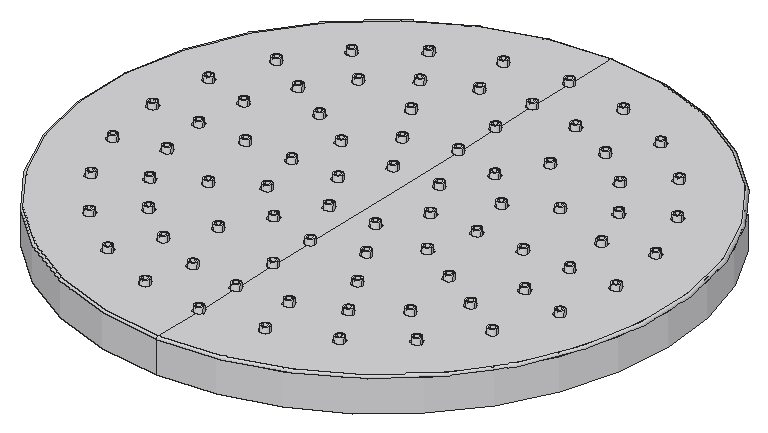
Revit family "Shower-Showerhead-KOHLER-Contemporary-K-99945T", category Plumbing Fixtures, host Face, Revit 2021 (continued)
Definition of nested family "K-99945T"
  Lines and regions (in)
    symbolic lines, detail levels medium+fine
      curve 273: arc (-0.73254, 2.51348, 0) -> (-0.67348, 2.57253, 0) -> (-0.61443, 2.51348, 0) r 0.05906
      curve 274: arc (-0.74907, 2.51348, 0) -> (-0.67348, 2.58907, 0) -> (-0.59789, 2.51348, 0) r 0.07559
      curve 275: arc (-0.61443, 2.51348, 0) -> (-0.67348, 2.45442, 0) -> (-0.73254, 2.51348, 0) r 0.05906
      curve 276: arc (-0.59789, 2.51348, 0) -> (-0.67348, 2.43789, 0) -> (-0.74907, 2.51348, 0) r 0.07559
      curve 277: arc (-0.68912, 1.12541, 0) -> (-0.64975, 1.08604, 0) -> (-0.61038, 1.12541, 0) r 0.03937
      curve 278: arc (-0.5907, 1.12541, 0) -> (-0.64975, 1.06635, 0) -> (-0.70881, 1.12541, 0) r 0.05906
      curve 279: arc (-0.61252, 1.06092, 0) -> (-0.71425, 1.08817, 0) -> (-0.68699, 1.1899, 0) r 0.07447
      curve 280: arc (-0.61038, 1.12541, 0) -> (-0.64975, 1.16478, 0) -> (-0.68912, 1.12541, 0) r 0.03937
      curve 281: arc (-0.70881, 1.12541, 0) -> (-0.64975, 1.18446, 0) -> (-0.5907, 1.12541, 0) r 0.05906
      curve 282: arc (-0.68699, 1.1899, 0) -> (-0.58526, 1.16264, 0) -> (-0.61252, 1.06092, 0) r 0.07447
      curve 283: arc (-0.93816, 1.62494, 0) -> (-1.03989, 1.6522, 0) -> (-1.01263, 1.75392, 0) r 0.07447
      curve 284: arc (-1.01263, 1.75392, 0) -> (-0.9109, 1.72667, 0) -> (-0.93816, 1.62494, 0) r 0.07447
      curve 285: arc (-1.03445, 1.68943, 0) -> (-0.97539, 1.74849, 0) -> (-0.91634, 1.68943, 0) r 0.05906
      curve 286: arc (-0.91634, 1.68943, 0) -> (-0.97539, 1.63038, 0) -> (-1.03445, 1.68943, 0) r 0.05906
      curve 287: arc (-1.01476, 1.68943, 0) -> (-0.97539, 1.65006, 0) -> (-0.93602, 1.68943, 0) r 0.03937
      curve 288: arc (-0.93602, 1.68943, 0) -> (-0.97539, 1.7288, 0) -> (-1.01476, 1.68943, 0) r 0.03937
      curve 289: arc (-1.33827, 2.31795, 0) -> (-1.23654, 2.29069, 0) -> (-1.2638, 2.18897, 0) r 0.07447
      curve 290: arc (-1.36009, 2.25346, 0) -> (-1.30103, 2.31251, 0) -> (-1.24198, 2.25346, 0) r 0.05906
      curve 291: arc (-1.26166, 2.25346, 0) -> (-1.30103, 2.29283, 0) -> (-1.3404, 2.25346, 0) r 0.03937
      curve 292: arc (-1.3404, 2.25346, 0) -> (-1.30103, 2.21409, 0) -> (-1.26166, 2.25346, 0) r 0.03937
      curve 293: arc (-1.24198, 2.25346, 0) -> (-1.30103, 2.1944, 0) -> (-1.36009, 2.25346, 0) r 0.05906
      curve 294: arc (-1.2638, 2.18897, 0) -> (-1.36553, 2.21622, 0) -> (-1.33827, 2.31795, 0) r 0.07447
      curve 295: arc (-1.68573, 2.81748, 0) -> (-1.62667, 2.87654, 0) -> (-1.56762, 2.81748, 0) r 0.05906
      curve 296: arc (-1.56762, 2.81748, 0) -> (-1.62667, 2.75843, 0) -> (-1.68573, 2.81748, 0) r 0.05906
      curve 297: arc (-1.66604, 2.81748, 0) -> (-1.62667, 2.77811, 0) -> (-1.5873, 2.81748, 0) r 0.03937
      curve 298: arc (-1.5873, 2.81748, 0) -> (-1.62667, 2.85685, 0) -> (-1.66604, 2.81748, 0) r 0.03937
      curve 299: arc (-1.58944, 2.75299, 0) -> (-1.69117, 2.78025, 0) -> (-1.66391, 2.88198, 0) r 0.07447
      curve 300: arc (-1.66391, 2.88198, 0) -> (-1.56218, 2.85472, 0) -> (-1.58944, 2.75299, 0) r 0.07447
      curve 301: arc (-2.23859, 2.30001, 0) -> (-2.29764, 2.24095, 0) -> (-2.3567, 2.30001, 0) r 0.05906
      curve 302: arc (-2.33701, 2.30001, 0) -> (-2.29764, 2.26064, 0) -> (-2.25827, 2.30001, 0) r 0.03937
      curve 303: arc (-2.25827, 2.30001, 0) -> (-2.29764, 2.33938, 0) -> (-2.33701, 2.30001, 0) r 0.03937
      curve 304: arc (-2.3567, 2.30001, 0) -> (-2.29764, 2.35906, 0) -> (-2.23859, 2.30001, 0) r 0.05906
      curve 305: arc (-2.37323, 2.30001, 0) -> (-2.29764, 2.3756, 0) -> (-2.22205, 2.30001, 0) r 0.07559
      curve 306: arc (-2.22205, 2.30001, 0) -> (-2.29764, 2.22442, 0) -> (-2.37323, 2.30001, 0) r 0.07559
      curve 307: arc (-1.87751, 1.83994, 0) -> (-1.83814, 1.80057, 0) -> (-1.79877, 1.83994, 0) r 0.03937
      curve 308: arc (-1.79877, 1.83994, 0) -> (-1.83814, 1.87931, 0) -> (-1.87751, 1.83994, 0) r 0.03937
      curve 309: arc (-1.89719, 1.83994, 0) -> (-1.83814, 1.89899, 0) -> (-1.77908, 1.83994, 0) r 0.05906
      curve 310: arc (-1.91373, 1.83994, 0) -> (-1.83814, 1.91553, 0) -> (-1.76255, 1.83994, 0) r 0.07559
      curve 311: arc (-1.76255, 1.83994, 0) -> (-1.83814, 1.76435, 0) -> (-1.91373, 1.83994, 0) r 0.07559
      curve 312: arc (-1.77908, 1.83994, 0) -> (-1.83814, 1.78088, 0) -> (-1.89719, 1.83994, 0) r 0.05906
      curve 313: arc (-2.73935, 1.62521, 0) -> (-2.81494, 1.54962, 0) -> (-2.89053, 1.62521, 0) r 0.07559
      curve 314: arc (-2.75588, 1.62521, 0) -> (-2.81494, 1.56615, 0) -> (-2.874, 1.62521, 0) r 0.05906
      curve 315: arc (-2.874, 1.62521, 0) -> (-2.81494, 1.56615, 0) -> (-2.75588, 1.62521, 0) r 0.05906
      curve 316: arc (-2.75588, 1.62521, 0) -> (-2.81494, 1.68426, 0) -> (-2.874, 1.62521, 0) r 0.05906
      curve 317: arc (-2.89053, 1.62521, 0) -> (-2.81494, 1.7008, 0) -> (-2.73935, 1.62521, 0) r 0.07559
      curve 318: arc (-2.77557, 1.62521, 0) -> (-2.81494, 1.66458, 0) -> (-2.85431, 1.62521, 0) r 0.03937
      curve 319: arc (-2.85431, 1.62521, 0) -> (-2.81494, 1.58584, 0) -> (-2.77557, 1.62521, 0) r 0.03937
      curve 320: arc (-2.29074, 1.29983, 0) -> (-2.25137, 1.26046, 0) -> (-2.212, 1.29983, 0) r 0.03937
      curve 321: arc (-2.212, 1.29983, 0) -> (-2.25137, 1.3392, 0) -> (-2.29074, 1.29983, 0) r 0.03937
      curve 322: arc (-2.31042, 1.29983, 0) -> (-2.25137, 1.35888, 0) -> (-2.19231, 1.29983, 0) r 0.05906
      curve 323: arc (-2.32698, 1.29983, 0) -> (-2.25137, 1.37544, 0) -> (-2.17575, 1.29983, 0) r 0.07561
      curve 324: arc (-2.17575, 1.29983, 0) -> (-2.25137, 1.22422, 0) -> (-2.32698, 1.29983, 0) r 0.07561
      curve 325: arc (-2.19231, 1.29983, 0) -> (-2.25137, 1.24077, 0) -> (-2.31042, 1.29983, 0) r 0.05906
      curve 326: arc (-1.65006, 0.97539, 0) -> (-1.68943, 1.01476, 0) -> (-1.7288, 0.97539, 0) r 0.03937
      curve 327: arc (-1.74849, 0.97539, 0) -> (-1.68943, 1.03445, 0) -> (-1.63038, 0.97539, 0) r 0.05906
      curve 328: arc (-1.76502, 0.97539, 0) -> (-1.68943, 1.05099, 0) -> (-1.61384, 0.97539, 0) r 0.07559
      curve 329: arc (-1.61384, 0.97539, 0) -> (-1.68943, 0.8998, 0) -> (-1.76502, 0.97539, 0) r 0.07559
      curve 330: arc (-1.63038, 0.97539, 0) -> (-1.68943, 0.91634, 0) -> (-1.74849, 0.97539, 0) r 0.05906
      curve 331: arc (-1.7288, 0.97539, 0) -> (-1.68943, 0.93602, 0) -> (-1.65006, 0.97539, 0) r 0.03937
      curve 332: arc (-1.08557, 0.64948, 0) -> (-1.12494, 0.68885, 0) -> (-1.16431, 0.64948, 0) r 0.03937
      curve 333: arc (-1.16431, 0.64948, 0) -> (-1.12494, 0.61011, 0) -> (-1.08557, 0.64948, 0) r 0.03937
      curve 334: arc (-1.06588, 0.64948, 0) -> (-1.12494, 0.59043, 0) -> (-1.18399, 0.64948, 0) r 0.05906
      curve 335: arc (-1.04935, 0.64948, 0) -> (-1.12494, 0.57389, 0) -> (-1.20053, 0.64948, 0) r 0.07559
      curve 336: arc (-1.18399, 0.64948, 0) -> (-1.12494, 0.70854, 0) -> (-1.06588, 0.64948, 0) r 0.05906
      curve 337: arc (-1.20053, 0.64948, 0) -> (-1.12494, 0.72507, 0) -> (-1.04935, 0.64948, 0) r 0.07559
      curve 338: arc (-2.55073, 0.67292, 0) -> (-2.51136, 0.63355, 0) -> (-2.47198, 0.67292, 0) r 0.03937
      curve 339: arc (-2.47198, 0.67292, 0) -> (-2.51136, 0.71229, 0) -> (-2.55073, 0.67292, 0) r 0.03937
      curve 340: arc (-2.57041, 0.67292, 0) -> (-2.51136, 0.73197, 0) -> (-2.4523, 0.67292, 0) r 0.05906
      curve 341: arc (-2.58659, 0.67292, 0) -> (-2.51136, 0.74815, 0) -> (-2.43612, 0.67292, 0) r 0.07524
      curve 342: arc (-2.4523, 0.67292, 0) -> (-2.51136, 0.61386, 0) -> (-2.57041, 0.67292, 0) r 0.05906
      curve 343: arc (-2.43612, 0.67292, 0) -> (-2.51136, 0.59768, 0) -> (-2.58659, 0.67292, 0) r 0.07524
      curve 344: arc (-3.19791, 0.84105, 0) -> (-3.13885, 0.782, 0) -> (-3.0798, 0.84105, 0) r 0.05906
      curve 345: arc (-3.0798, 0.84105, 0) -> (-3.13885, 0.90011, 0) -> (-3.19791, 0.84105, 0) r 0.05906
      curve 346: arc (-3.21444, 0.84105, 0) -> (-3.13885, 0.91664, 0) -> (-3.06326, 0.84105, 0) r 0.07559
      curve 347: arc (-3.17822, 0.84105, 0) -> (-3.13885, 0.80168, 0) -> (-3.09948, 0.84105, 0) r 0.03937
      curve 348: arc (-3.09948, 0.84105, 0) -> (-3.13885, 0.88042, 0) -> (-3.17822, 0.84105, 0) r 0.03937
      curve 349: arc (-3.06326, 0.84105, 0) -> (-3.13885, 0.76546, 0) -> (-3.21444, 0.84105, 0) r 0.07559
      curve 350: arc (-0.88083, -3.14036, 0) -> (-0.84146, -3.10099, 0) -> (-0.80209, -3.14036, 0) r 0.03937
      curve 351: arc (-0.80209, -3.14036, 0) -> (-0.84146, -3.17973, 0) -> (-0.88083, -3.14036, 0) r 0.03937
      curve 352: arc (-0.90051, -3.14036, 0) -> (-0.84146, -3.19941, 0) -> (-0.7824, -3.14036, 0) r 0.05906
      curve 353: arc (-0.91705, -3.14036, 0) -> (-0.84146, -3.21595, 0) -> (-0.76587, -3.14036, 0) r 0.07559
      curve 354: arc (-0.76587, -3.14036, 0) -> (-0.84146, -3.06477, 0) -> (-0.91705, -3.14036, 0) r 0.07559
      curve 355: arc (-0.7824, -3.14036, 0) -> (-0.84146, -3.0813, 0) -> (-0.90051, -3.14036, 0) r 0.05906
      curve 356: arc (-0.71285, -2.51348, 0) -> (-0.67348, -2.47411, 0) -> (-0.63411, -2.51348, 0) r 0.03937
      curve 357: arc (-0.63411, -2.51348, 0) -> (-0.67348, -2.55285, 0) -> (-0.71285, -2.51348, 0) r 0.03937
      curve 358: arc (-0.73254, -2.51348, 0) -> (-0.67348, -2.57253, 0) -> (-0.61443, -2.51348, 0) r 0.05906
      curve 359: arc (-0.74907, -2.51348, 0) -> (-0.67348, -2.58907, 0) -> (-0.59789, -2.51348, 0) r 0.07559
      curve 360: arc (-0.61443, -2.51348, 0) -> (-0.67348, -2.45442, 0) -> (-0.73254, -2.51348, 0) r 0.05906
      curve 361: arc (-0.59789, -2.51348, 0) -> (-0.67348, -2.43789, 0) -> (-0.74907, -2.51348, 0) r 0.07559
      curve 362: arc (-0.68912, -1.12541, 0) -> (-0.64975, -1.08604, 0) -> (-0.61038, -1.12541, 0) r 0.03937
      curve 363: arc (-0.5907, -1.12541, 0) -> (-0.64975, -1.06635, 0) -> (-0.70881, -1.12541, 0) r 0.05906
      curve 364: arc (-0.61252, -1.06092, 0) -> (-0.71425, -1.08817, 0) -> (-0.68699, -1.1899, 0) r 0.07447
      curve 365: arc (-0.61038, -1.12541, 0) -> (-0.64975, -1.16478, 0) -> (-0.68912, -1.12541, 0) r 0.03937
      curve 366: arc (-0.70881, -1.12541, 0) -> (-0.64975, -1.18446, 0) -> (-0.5907, -1.12541, 0) r 0.05906
      curve 367: arc (-0.68699, -1.1899, 0) -> (-0.58526, -1.16264, 0) -> (-0.61252, -1.06092, 0) r 0.07447
      curve 368: arc (-0.93816, -1.62494, 0) -> (-1.03989, -1.6522, 0) -> (-1.01263, -1.75392, 0) r 0.07447
      curve 369: arc (-1.01263, -1.75392, 0) -> (-0.9109, -1.72667, 0) -> (-0.93816, -1.62494, 0) r 0.07447
      curve 370: arc (-1.03445, -1.68943, 0) -> (-0.97539, -1.74849, 0) -> (-0.91634, -1.68943, 0) r 0.05906
      curve 371: arc (-0.91634, -1.68943, 0) -> (-0.97539, -1.63038, 0) -> (-1.03445, -1.68943, 0) r 0.05906
      curve 372: arc (-1.01476, -1.68943, 0) -> (-0.97539, -1.65006, 0) -> (-0.93602, -1.68943, 0) r 0.03937
      curve 373: arc (-0.93602, -1.68943, 0) -> (-0.97539, -1.7288, 0) -> (-1.01476, -1.68943, 0) r 0.03937
      curve 374: arc (-1.33827, -2.31795, 0) -> (-1.23654, -2.29069, 0) -> (-1.2638, -2.18897, 0) r 0.07447
      curve 375: arc (-1.36009, -2.25346, 0) -> (-1.30103, -2.31251, 0) -> (-1.24198, -2.25346, 0) r 0.05906
      curve 376: arc (-1.26166, -2.25346, 0) -> (-1.30103, -2.29283, 0) -> (-1.3404, -2.25346, 0) r 0.03937
      curve 377: arc (-1.3404, -2.25346, 0) -> (-1.30103, -2.21409, 0) -> (-1.26166, -2.25346, 0) r 0.03937
      curve 378: arc (-1.24198, -2.25346, 0) -> (-1.30103, -2.1944, 0) -> (-1.36009, -2.25346, 0) r 0.05906
      curve 379: arc (-1.2638, -2.18897, 0) -> (-1.36553, -2.21622, 0) -> (-1.33827, -2.31795, 0) r 0.07447
      curve 380: arc (-1.68573, -2.81748, 0) -> (-1.62667, -2.87654, 0) -> (-1.56762, -2.81748, 0) r 0.05906
      curve 381: arc (-1.56762, -2.81748, 0) -> (-1.62667, -2.75843, 0) -> (-1.68573, -2.81748, 0) r 0.05906
      curve 382: arc (-1.66604, -2.81748, 0) -> (-1.62667, -2.77811, 0) -> (-1.5873, -2.81748, 0) r 0.03937
      curve 383: arc (-1.5873, -2.81748, 0) -> (-1.62667, -2.85685, 0) -> (-1.66604, -2.81748, 0) r 0.03937
      curve 384: arc (-1.58944, -2.75299, 0) -> (-1.69117, -2.78025, 0) -> (-1.66391, -2.88198, 0) r 0.07447
      curve 385: arc (-1.66391, -2.88198, 0) -> (-1.56218, -2.85472, 0) -> (-1.58944, -2.75299, 0) r 0.07447
      curve 386: arc (-2.23859, -2.30001, 0) -> (-2.29764, -2.24095, 0) -> (-2.3567, -2.30001, 0) r 0.05906
      curve 387: arc (-2.33701, -2.30001, 0) -> (-2.29764, -2.26064, 0) -> (-2.25827, -2.30001, 0) r 0.03937
      curve 388: arc (-2.25827, -2.30001, 0) -> (-2.29764, -2.33938, 0) -> (-2.33701, -2.30001, 0) r 0.03937
      curve 389: arc (-2.3567, -2.30001, 0) -> (-2.29764, -2.35906, 0) -> (-2.23859, -2.30001, 0) r 0.05906
      curve 390: arc (-2.37323, -2.30001, 0) -> (-2.29764, -2.3756, 0) -> (-2.22205, -2.30001, 0) r 0.07559
      curve 391: arc (-2.22205, -2.30001, 0) -> (-2.29764, -2.22442, 0) -> (-2.37323, -2.30001, 0) r 0.07559
      curve 392: arc (-1.87751, -1.83994, 0) -> (-1.83814, -1.80057, 0) -> (-1.79877, -1.83994, 0) r 0.03937
      curve 393: arc (-1.79877, -1.83994, 0) -> (-1.83814, -1.87931, 0) -> (-1.87751, -1.83994, 0) r 0.03937
      curve 394: arc (-1.89719, -1.83994, 0) -> (-1.83814, -1.89899, 0) -> (-1.77908, -1.83994, 0) r 0.05906
      curve 395: arc (-1.91373, -1.83994, 0) -> (-1.83814, -1.91553, 0) -> (-1.76255, -1.83994, 0) r 0.07559
      curve 396: arc (-1.76255, -1.83994, 0) -> (-1.83814, -1.76435, 0) -> (-1.91373, -1.83994, 0) r 0.07559
      curve 397: arc (-1.77908, -1.83994, 0) -> (-1.83814, -1.78088, 0) -> (-1.89719, -1.83994, 0) r 0.05906
      curve 398: arc (-2.73935, -1.62521, 0) -> (-2.81494, -1.54962, 0) -> (-2.89053, -1.62521, 0) r 0.07559
      curve 399: arc (-2.75588, -1.62521, 0) -> (-2.81494, -1.56615, 0) -> (-2.874, -1.62521, 0) r 0.05906
      curve 400: arc (-2.874, -1.62521, 0) -> (-2.81494, -1.56615, 0) -> (-2.75588, -1.62521, 0) r 0.05906
      curve 401: arc (-2.75588, -1.62521, 0) -> (-2.81494, -1.68426, 0) -> (-2.874, -1.62521, 0) r 0.05906
      curve 402: arc (-2.89053, -1.62521, 0) -> (-2.81494, -1.7008, 0) -> (-2.73935, -1.62521, 0) r 0.07559
      curve 403: arc (-2.77557, -1.62521, 0) -> (-2.81494, -1.66458, 0) -> (-2.85431, -1.62521, 0) r 0.03937
      curve 404: arc (-2.85431, -1.62521, 0) -> (-2.81494, -1.58584, 0) -> (-2.77557, -1.62521, 0) r 0.03937
      curve 405: arc (-2.29074, -1.29983, 0) -> (-2.25137, -1.26046, 0) -> (-2.212, -1.29983, 0) r 0.03937
      curve 406: arc (-2.212, -1.29983, 0) -> (-2.25137, -1.3392, 0) -> (-2.29074, -1.29983, 0) r 0.03937
      curve 407: arc (-2.31042, -1.29983, 0) -> (-2.25137, -1.35888, 0) -> (-2.19231, -1.29983, 0) r 0.05906
      curve 408: arc (-2.32698, -1.29983, 0) -> (-2.25137, -1.37544, 0) -> (-2.17575, -1.29983, 0) r 0.07561
      curve 409: arc (-2.17575, -1.29983, 0) -> (-2.25137, -1.22422, 0) -> (-2.32698, -1.29983, 0) r 0.07561
      curve 410: arc (-2.19231, -1.29983, 0) -> (-2.25137, -1.24077, 0) -> (-2.31042, -1.29983, 0) r 0.05906
      curve 411: arc (-1.65006, -0.97539, 0) -> (-1.68943, -1.01476, 0) -> (-1.7288, -0.97539, 0) r 0.03937
      curve 412: arc (-1.74849, -0.97539, 0) -> (-1.68943, -1.03445, 0) -> (-1.63038, -0.97539, 0) r 0.05906
      curve 413: arc (-1.76502, -0.97539, 0) -> (-1.68943, -1.05099, 0) -> (-1.61384, -0.97539, 0) r 0.07559
      curve 414: arc (-1.61384, -0.97539, 0) -> (-1.68943, -0.8998, 0) -> (-1.76502, -0.97539, 0) r 0.07559
      curve 415: arc (-1.63038, -0.97539, 0) -> (-1.68943, -0.91634, 0) -> (-1.74849, -0.97539, 0) r 0.05906
      curve 416: arc (-1.7288, -0.97539, 0) -> (-1.68943, -0.93602, 0) -> (-1.65006, -0.97539, 0) r 0.03937
      curve 417: arc (-1.08557, -0.64948, 0) -> (-1.12494, -0.68885, 0) -> (-1.16431, -0.64948, 0) r 0.03937
      curve 418: arc (-1.16431, -0.64948, 0) -> (-1.12494, -0.61011, 0) -> (-1.08557, -0.64948, 0) r 0.03937
      curve 419: arc (-1.06588, -0.64948, 0) -> (-1.12494, -0.59043, 0) -> (-1.18399, -0.64948, 0) r 0.05906
      curve 420: arc (-1.04935, -0.64948, 0) -> (-1.12494, -0.57389, 0) -> (-1.20053, -0.64948, 0) r 0.07559
      curve 421: arc (-1.18399, -0.64948, 0) -> (-1.12494, -0.70854, 0) -> (-1.06588, -0.64948, 0) r 0.05906
      curve 422: arc (-1.20053, -0.64948, 0) -> (-1.12494, -0.72507, 0) -> (-1.04935, -0.64948, 0) r 0.07559
      curve 423: arc (-2.55073, -0.67292, 0) -> (-2.51136, -0.63355, 0) -> (-2.47198, -0.67292, 0) r 0.03937
      curve 424: arc (-2.47198, -0.67292, 0) -> (-2.51136, -0.71229, 0) -> (-2.55073, -0.67292, 0) r 0.03937
      curve 425: arc (-2.57041, -0.67292, 0) -> (-2.51136, -0.73197, 0) -> (-2.4523, -0.67292, 0) r 0.05906
      curve 426: arc (-2.58659, -0.67292, 0) -> (-2.51136, -0.74815, 0) -> (-2.43612, -0.67292, 0) r 0.07524
      curve 427: arc (-2.4523, -0.67292, 0) -> (-2.51136, -0.61386, 0) -> (-2.57041, -0.67292, 0) r 0.05906
      curve 428: arc (-2.43612, -0.67292, 0) -> (-2.51136, -0.59768, 0) -> (-2.58659, -0.67292, 0) r 0.07524
      curve 429: arc (-3.19791, -0.84105, 0) -> (-3.13885, -0.782, 0) -> (-3.0798, -0.84105, 0) r 0.05906
      curve 430: arc (-3.0798, -0.84105, 0) -> (-3.13885, -0.90011, 0) -> (-3.19791, -0.84105, 0) r 0.05906
      curve 431: arc (-3.21444, -0.84105, 0) -> (-3.13885, -0.91664, 0) -> (-3.06326, -0.84105, 0) r 0.07559
      curve 432: arc (-3.17822, -0.84105, 0) -> (-3.13885, -0.80168, 0) -> (-3.09948, -0.84105, 0) r 0.03937
      curve 433: arc (-3.09948, -0.84105, 0) -> (-3.13885, -0.88042, 0) -> (-3.17822, -0.84105, 0) r 0.03937
      curve 434: arc (-3.06326, -0.84105, 0) -> (-3.13885, -0.76546, 0) -> (-3.21444, -0.84105, 0) r 0.07559
      curve 435: arc (0.88083, -3.14036, 0) -> (0.84146, -3.10099, 0) -> (0.80209, -3.14036, 0) r 0.03937
      curve 436: arc (0.80209, -3.14036, 0) -> (0.84146, -3.17973, 0) -> (0.88083, -3.14036, 0) r 0.03937
      curve 437: arc (0.90051, -3.14036, 0) -> (0.84146, -3.19941, 0) -> (0.7824, -3.14036, 0) r 0.05906
      curve 438: arc (0.91705, -3.14036, 0) -> (0.84146, -3.21595, 0) -> (0.76587, -3.14036, 0) r 0.07559
      curve 439: arc (0.76587, -3.14036, 0) -> (0.84146, -3.06477, 0) -> (0.91705, -3.14036, 0) r 0.07559
      curve 440: arc (0.7824, -3.14036, 0) -> (0.84146, -3.0813, 0) -> (0.90051, -3.14036, 0) r 0.05906
      curve 441: arc (0.71285, -2.51348, 0) -> (0.67348, -2.47411, 0) -> (0.63411, -2.51348, 0) r 0.03937
      curve 442: arc (0.63411, -2.51348, 0) -> (0.67348, -2.55285, 0) -> (0.71285, -2.51348, 0) r 0.03937
      curve 443: arc (0.73254, -2.51348, 0) -> (0.67348, -2.57253, 0) -> (0.61443, -2.51348, 0) r 0.05906
      curve 444: arc (0.74907, -2.51348, 0) -> (0.67348, -2.58907, 0) -> (0.59789, -2.51348, 0) r 0.07559
      curve 445: arc (0.61443, -2.51348, 0) -> (0.67348, -2.45442, 0) -> (0.73254, -2.51348, 0) r 0.05906
      curve 446: arc (0.59789, -2.51348, 0) -> (0.67348, -2.43789, 0) -> (0.74907, -2.51348, 0) r 0.07559
      curve 447: arc (0.68912, -1.12541, 0) -> (0.64975, -1.08604, 0) -> (0.61038, -1.12541, 0) r 0.03937
      curve 448: arc (0.5907, -1.12541, 0) -> (0.64975, -1.06635, 0) -> (0.70881, -1.12541, 0) r 0.05906
      curve 449: arc (0.61252, -1.06092, 0) -> (0.71425, -1.08817, 0) -> (0.68699, -1.1899, 0) r 0.07447
      curve 450: arc (0.61038, -1.12541, 0) -> (0.64975, -1.16478, 0) -> (0.68912, -1.12541, 0) r 0.03937
      curve 451: arc (0.70881, -1.12541, 0) -> (0.64975, -1.18446, 0) -> (0.5907, -1.12541, 0) r 0.05906
      curve 452: arc (0.68699, -1.1899, 0) -> (0.58526, -1.16264, 0) -> (0.61252, -1.06092, 0) r 0.07447
      curve 453: arc (0.93816, -1.62494, 0) -> (1.03989, -1.6522, 0) -> (1.01263, -1.75392, 0) r 0.07447
      curve 454: arc (1.01263, -1.75392, 0) -> (0.9109, -1.72667, 0) -> (0.93816, -1.62494, 0) r 0.07447
      curve 455: arc (1.03445, -1.68943, 0) -> (0.97539, -1.74849, 0) -> (0.91634, -1.68943, 0) r 0.05906
      curve 456: arc (0.91634, -1.68943, 0) -> (0.97539, -1.63038, 0) -> (1.03445, -1.68943, 0) r 0.05906
      curve 457: arc (1.01476, -1.68943, 0) -> (0.97539, -1.65006, 0) -> (0.93602, -1.68943, 0) r 0.03937
      curve 458: arc (0.93602, -1.68943, 0) -> (0.97539, -1.7288, 0) -> (1.01476, -1.68943, 0) r 0.03937
      curve 459: arc (1.33827, -2.31795, 0) -> (1.23654, -2.29069, 0) -> (1.2638, -2.18897, 0) r 0.07447
      curve 460: arc (1.36009, -2.25346, 0) -> (1.30103, -2.31251, 0) -> (1.24198, -2.25346, 0) r 0.05906
      curve 461: arc (1.26166, -2.25346, 0) -> (1.30103, -2.29283, 0) -> (1.3404, -2.25346, 0) r 0.03937
      curve 462: arc (1.3404, -2.25346, 0) -> (1.30103, -2.21409, 0) -> (1.26166, -2.25346, 0) r 0.03937
      curve 463: arc (1.24198, -2.25346, 0) -> (1.30103, -2.1944, 0) -> (1.36009, -2.25346, 0) r 0.05906
      curve 464: arc (1.2638, -2.18897, 0) -> (1.36553, -2.21622, 0) -> (1.33827, -2.31795, 0) r 0.07447
      curve 465: arc (1.68573, -2.81748, 0) -> (1.62667, -2.87654, 0) -> (1.56762, -2.81748, 0) r 0.05906
      curve 466: arc (1.56762, -2.81748, 0) -> (1.62667, -2.75843, 0) -> (1.68573, -2.81748, 0) r 0.05906
      curve 467: arc (1.66604, -2.81748, 0) -> (1.62667, -2.77811, 0) -> (1.5873, -2.81748, 0) r 0.03937
      curve 468: arc (1.5873, -2.81748, 0) -> (1.62667, -2.85685, 0) -> (1.66604, -2.81748, 0) r 0.03937
      curve 469: arc (1.58944, -2.75299, 0) -> (1.69117, -2.78025, 0) -> (1.66391, -2.88198, 0) r 0.07447
      curve 470: arc (1.66391, -2.88198, 0) -> (1.56218, -2.85472, 0) -> (1.58944, -2.75299, 0) r 0.07447
      curve 471: arc (2.23859, -2.30001, 0) -> (2.29764, -2.24095, 0) -> (2.3567, -2.30001, 0) r 0.05906
      curve 472: arc (2.33701, -2.30001, 0) -> (2.29764, -2.26064, 0) -> (2.25827, -2.30001, 0) r 0.03937
      curve 473: arc (2.25827, -2.30001, 0) -> (2.29764, -2.33938, 0) -> (2.33701, -2.30001, 0) r 0.03937
      curve 474: arc (2.3567, -2.30001, 0) -> (2.29764, -2.35906, 0) -> (2.23859, -2.30001, 0) r 0.05906
      curve 475: arc (2.37323, -2.30001, 0) -> (2.29764, -2.3756, 0) -> (2.22205, -2.30001, 0) r 0.07559
      curve 476: arc (2.22205, -2.30001, 0) -> (2.29764, -2.22442, 0) -> (2.37323, -2.30001, 0) r 0.07559
      curve 477: arc (1.87751, -1.83994, 0) -> (1.83814, -1.80057, 0) -> (1.79877, -1.83994, 0) r 0.03937
      curve 478: arc (1.79877, -1.83994, 0) -> (1.83814, -1.87931, 0) -> (1.87751, -1.83994, 0) r 0.03937
      curve 479: arc (1.89719, -1.83994, 0) -> (1.83814, -1.89899, 0) -> (1.77908, -1.83994, 0) r 0.05906
      curve 480: arc (1.91373, -1.83994, 0) -> (1.83814, -1.91553, 0) -> (1.76255, -1.83994, 0) r 0.07559
      curve 481: arc (1.76255, -1.83994, 0) -> (1.83814, -1.76435, 0) -> (1.91373, -1.83994, 0) r 0.07559
      curve 482: arc (1.77908, -1.83994, 0) -> (1.83814, -1.78088, 0) -> (1.89719, -1.83994, 0) r 0.05906
      curve 483: arc (2.73935, -1.62521, 0) -> (2.81494, -1.54962, 0) -> (2.89053, -1.62521, 0) r 0.07559
      curve 484: arc (2.75588, -1.62521, 0) -> (2.81494, -1.56615, 0) -> (2.874, -1.62521, 0) r 0.05906
      curve 485: arc (2.874, -1.62521, 0) -> (2.81494, -1.56615, 0) -> (2.75588, -1.62521, 0) r 0.05906
      curve 486: arc (2.75588, -1.62521, 0) -> (2.81494, -1.68426, 0) -> (2.874, -1.62521, 0) r 0.05906
      curve 487: arc (2.89053, -1.62521, 0) -> (2.81494, -1.7008, 0) -> (2.73935, -1.62521, 0) r 0.07559
      curve 488: arc (2.77557, -1.62521, 0) -> (2.81494, -1.66458, 0) -> (2.85431, -1.62521, 0) r 0.03937
      curve 489: arc (2.85431, -1.62521, 0) -> (2.81494, -1.58584, 0) -> (2.77557, -1.62521, 0) r 0.03937
      curve 490: arc (2.29074, -1.29983, 0) -> (2.25137, -1.26046, 0) -> (2.212, -1.29983, 0) r 0.03937
      curve 491: arc (2.212, -1.29983, 0) -> (2.25137, -1.3392, 0) -> (2.29074, -1.29983, 0) r 0.03937
      curve 492: arc (2.31042, -1.29983, 0) -> (2.25137, -1.35888, 0) -> (2.19231, -1.29983, 0) r 0.05906
      curve 493: arc (2.32698, -1.29983, 0) -> (2.25137, -1.37544, 0) -> (2.17575, -1.29983, 0) r 0.07561
      curve 494: arc (2.17575, -1.29983, 0) -> (2.25137, -1.22422, 0) -> (2.32698, -1.29983, 0) r 0.07561
      curve 495: arc (2.19231, -1.29983, 0) -> (2.25137, -1.24077, 0) -> (2.31042, -1.29983, 0) r 0.05906
      curve 496: arc (1.65006, -0.97539, 0) -> (1.68943, -1.01476, 0) -> (1.7288, -0.97539, 0) r 0.03937
      curve 497: arc (1.74849, -0.97539, 0) -> (1.68943, -1.03445, 0) -> (1.63038, -0.97539, 0) r 0.05906
      curve 498: arc (1.76502, -0.97539, 0) -> (1.68943, -1.05099, 0) -> (1.61384, -0.97539, 0) r 0.07559
      curve 499: arc (1.61384, -0.97539, 0) -> (1.68943, -0.8998, 0) -> (1.76502, -0.97539, 0) r 0.07559
      curve 500: arc (1.63038, -0.97539, 0) -> (1.68943, -0.91634, 0) -> (1.74849, -0.97539, 0) r 0.05906
      curve 501: arc (1.7288, -0.97539, 0) -> (1.68943, -0.93602, 0) -> (1.65006, -0.97539, 0) r 0.03937
      curve 502: arc (1.08557, -0.64948, 0) -> (1.12494, -0.68885, 0) -> (1.16431, -0.64948, 0) r 0.03937
      curve 503: arc (1.16431, -0.64948, 0) -> (1.12494, -0.61011, 0) -> (1.08557, -0.64948, 0) r 0.03937
      curve 504: arc (1.06588, -0.64948, 0) -> (1.12494, -0.59043, 0) -> (1.18399, -0.64948, 0) r 0.05906
      curve 505: arc (1.04935, -0.64948, 0) -> (1.12494, -0.57389, 0) -> (1.20053, -0.64948, 0) r 0.07559
      curve 506: arc (1.18399, -0.64948, 0) -> (1.12494, -0.70854, 0) -> (1.06588, -0.64948, 0) r 0.05906
      curve 507: arc (1.20053, -0.64948, 0) -> (1.12494, -0.72507, 0) -> (1.04935, -0.64948, 0) r 0.07559
      curve 508: arc (2.55073, -0.67292, 0) -> (2.51136, -0.63355, 0) -> (2.47198, -0.67292, 0) r 0.03937
      curve 509: arc (2.47198, -0.67292, 0) -> (2.51136, -0.71229, 0) -> (2.55073, -0.67292, 0) r 0.03937
      curve 510: arc (2.57041, -0.67292, 0) -> (2.51136, -0.73197, 0) -> (2.4523, -0.67292, 0) r 0.05906
      curve 511: arc (2.58659, -0.67292, 0) -> (2.51136, -0.74815, 0) -> (2.43612, -0.67292, 0) r 0.07524
      curve 512: arc (2.4523, -0.67292, 0) -> (2.51136, -0.61386, 0) -> (2.57041, -0.67292, 0) r 0.05906
      curve 513: arc (2.43612, -0.67292, 0) -> (2.51136, -0.59768, 0) -> (2.58659, -0.67292, 0) r 0.07524
      curve 514: arc (3.19791, -0.84105, 0) -> (3.13885, -0.782, 0) -> (3.0798, -0.84105, 0) r 0.05906
      curve 515: arc (3.0798, -0.84105, 0) -> (3.13885, -0.90011, 0) -> (3.19791, -0.84105, 0) r 0.05906
      curve 516: arc (3.21444, -0.84105, 0) -> (3.13885, -0.91664, 0) -> (3.06326, -0.84105, 0) r 0.07559
      curve 517: arc (3.17822, -0.84105, 0) -> (3.13885, -0.80168, 0) -> (3.09948, -0.84105, 0) r 0.03937
      curve 518: arc (3.09948, -0.84105, 0) -> (3.13885, -0.88042, 0) -> (3.17822, -0.84105, 0) r 0.03937
      curve 519: arc (3.06326, -0.84105, 0) -> (3.13885, -0.76546, 0) -> (3.21444, -0.84105, 0) r 0.07559
      curve 520: arc (-3.17634, 0, 0) -> (-3.25193, 0.07559, 0) -> (-3.32752, 0, 0) r 0.07559
      curve 521: arc (-3.19288, 0, 0) -> (-3.25193, 0.05906, 0) -> (-3.31099, 0, 0) r 0.05906
      curve 522: arc (-3.31099, 0, 0) -> (-3.25193, 0.05906, 0) -> (-3.19288, 0, 0) r 0.05906
      curve 523: arc (-3.19288, 0, 0) -> (-3.25193, -0.05906, 0) -> (-3.31099, 0, 0) r 0.05906
      curve 524: arc (-3.31099, 0, 0) -> (-3.25193, -0.05906, 0) -> (-3.19288, 0, 0) r 0.05906
      curve 525: arc (-3.32752, 0, 0) -> (-3.25193, -0.07559, 0) -> (-3.17634, 0, 0) r 0.07559
      curve 526: arc (-3.21256, 0, 0) -> (-3.25193, -0.03937, 0) -> (-3.2913, 0, 0) r 0.03937
      curve 527: arc (-3.2913, 0, 0) -> (-3.25193, 0.03937, 0) -> (-3.21256, 0, 0) r 0.03937
      curve 528: arc (-2.6413, 0, 0) -> (-2.60193, 0.03937, 0) -> (-2.56256, 0, 0) r 0.03937
      curve 529: arc (-2.54288, 0, 0) -> (-2.60193, 0.05906, 0) -> (-2.66099, 0, 0) r 0.05906
      curve 530: arc (-2.52634, 0, 0) -> (-2.60193, 0.07559, 0) -> (-2.67752, 0, 0) r 0.07559
      curve 531: arc (-2.56256, 0, 0) -> (-2.60193, -0.03937, 0) -> (-2.6413, 0, 0) r 0.03937
      curve 532: arc (-2.66099, 0, 0) -> (-2.60193, -0.05906, 0) -> (-2.54288, 0, 0) r 0.05906
      curve 533: arc (-2.67752, 0, 0) -> (-2.60193, -0.07559, 0) -> (-2.52634, 0, 0) r 0.07559
      curve 534: arc (-1.98847, 0, 0) -> (-1.9491, 0.03937, 0) -> (-1.90973, 0, 0) r 0.03937
      curve 535: arc (-1.89004, 0, 0) -> (-1.9491, 0.05906, 0) -> (-2.00815, 0, 0) r 0.05906
      curve 536: arc (-1.87351, 0, 0) -> (-1.9491, 0.07559, 0) -> (-2.02469, 0, 0) r 0.07559
      curve 537: arc (-1.90973, 0, 0) -> (-1.9491, -0.03937, 0) -> (-1.98847, 0, 0) r 0.03937
      curve 538: arc (-2.00815, 0, 0) -> (-1.9491, -0.05906, 0) -> (-1.89004, 0, 0) r 0.05906
      curve 539: arc (-2.02469, 0, 0) -> (-1.9491, -0.07559, 0) -> (-1.87351, 0, 0) r 0.07559
      curve 540: arc (-1.33888, 0, 0) -> (-1.29951, 0.03937, 0) -> (-1.26014, 0, 0) r 0.03937
      curve 541: arc (-1.26014, 0, 0) -> (-1.29951, -0.03937, 0) -> (-1.33888, 0, 0) r 0.03937
      curve 542: arc (-1.35856, 0, 0) -> (-1.29951, -0.05906, 0) -> (-1.24045, 0, 0) r 0.05906
      curve 543: arc (-1.3751, 0, 0) -> (-1.29951, -0.07559, 0) -> (-1.22392, 0, 0) r 0.07559
      curve 544: arc (-1.24045, 0, 0) -> (-1.29951, 0.05906, 0) -> (-1.35856, 0, 0) r 0.05906
      curve 545: arc (-1.22392, 0, 0) -> (-1.29951, 0.07559, 0) -> (-1.3751, 0, 0) r 0.07559
      curve 546: arc (-0.57264, 0, 0) -> (-0.64823, 0.07559, 0) -> (-0.72382, 0, 0) r 0.07559
      curve 547: arc (-0.58917, 0, 0) -> (-0.64823, 0.05906, 0) -> (-0.70728, 0, 0) r 0.05906
      curve 548: arc (-0.6876, 0, 0) -> (-0.64823, 0.03937, 0) -> (-0.60886, 0, 0) r 0.03937
      curve 549: arc (-0.60886, 0, 0) -> (-0.64823, -0.03937, 0) -> (-0.6876, 0, 0) r 0.03937
      curve 550: arc (-0.70728, 0, 0) -> (-0.64823, -0.05906, 0) -> (-0.58917, 0, 0) r 0.05906
      curve 551: arc (-0.72382, 0, 0) -> (-0.64823, -0.07559, 0) -> (-0.57264, 0, 0) r 0.07559
      curve 552: arc (-0.25047, 0.56213, 0) -> (-0.32606, 0.63772, 0) -> (-0.40165, 0.56213, 0) r 0.07559
      curve 553: arc (-0.26701, 0.56213, 0) -> (-0.32606, 0.62119, 0) -> (-0.38512, 0.56213, 0) r 0.05906
      curve 554: arc (-0.36543, 0.56213, 0) -> (-0.32606, 0.6015, 0) -> (-0.28669, 0.56213, 0) r 0.03937
      curve 555: arc (-0.28669, 0.56213, 0) -> (-0.32606, 0.52276, 0) -> (-0.36543, 0.56213, 0) r 0.03937
      curve 556: arc (-0.38512, 0.56213, 0) -> (-0.32606, 0.50308, 0) -> (-0.26701, 0.56213, 0) r 0.05906
      curve 557: arc (-0.40165, 0.56213, 0) -> (-0.32606, 0.48654, 0) -> (-0.25047, 0.56213, 0) r 0.07559
      curve 558: arc (-0.36543, -0.56213, 0) -> (-0.32606, -0.52276, 0) -> (-0.28669, -0.56213, 0) r 0.03937
      curve 559: arc (-0.26701, -0.56213, 0) -> (-0.32606, -0.50308, 0) -> (-0.38512, -0.56213, 0) r 0.05906
      curve 560: arc (-0.25047, -0.56213, 0) -> (-0.32606, -0.48654, 0) -> (-0.40165, -0.56213, 0) r 0.07559
      curve 561: arc (-0.40165, -0.56213, 0) -> (-0.32606, -0.63772, 0) -> (-0.25047, -0.56213, 0) r 0.07559
      curve 562: arc (-0.28669, -0.56213, 0) -> (-0.32606, -0.6015, 0) -> (-0.36543, -0.56213, 0) r 0.03937
      curve 563: arc (-0.38512, -0.56213, 0) -> (-0.32606, -0.62119, 0) -> (-0.26701, -0.56213, 0) r 0.05906
      curve 564: arc (0, 3.93783, 0) -> (3.93783, 0, 0) -> (0, -3.93783, 0) r 3.93783
      curve 565: arc (0, -3.93783, 0) -> (-3.93783, 0, 0) -> (0, 3.93783, 0) r 3.93783
      curve 566: line (0, 0.74895, 2.04724) -> (0, -0.74895, 2.04724)
      curve 567: line (0, 0.43472, 1.26188) -> (0, -0.43472, 1.26188)
      curve 568: line (0, 0.5184, 1.26976) -> (0, -0.5184, 1.26976)
      curve 569: line (0, 0.35483, 1.13407) -> (0, -0.35483, 1.13407)
      curve 570: line (0, 0.3664, 1.16354) -> (0, -0.3664, 1.16354)
      curve 571: line (0, 0.35483, 1.02404) -> (0, -0.35483, 1.02404)
      curve 572: line (0, -0.37206, 0.99849) -> (0, 0.37206, 0.99849)
      curve 573: line (0, 3.99606, 2.49681) -> (0, -3.99606, 2.49681)
      curve 574: line (-0.75244, 0, 2.04724) -> (0.75244, 0, 2.04724)
      curve 575: line (-0.43472, 0, 1.26188) -> (0.43472, 0, 1.26188)
      curve 576: line (-0.5184, 0, 1.26976) -> (0.5184, 0, 1.26976)
      curve 577: line (-0.69832, 0, 1.30278) -> (0.69832, 0, 1.30278)
      curve 578: line (-0.3554, 0, 1.13053) -> (0.3554, 0, 1.13053)
      curve 579: line (-0.36707, 0, 1.16009) -> (0.36707, 0, 1.16009)
      curve 580: line (-0.3554, 0, 1.02414) -> (0.3554, 0, 1.02414)
      curve 581: line (-0.37264, 0, 0.99859) -> (0.37264, 0, 0.99859)
      curve 582: line (-0.18729, 0, 0.47244) -> (-0.18729, 0, 0.93372)
      curve 583: line (0.18729, 0, 0.9297) -> (0.18729, 0, 0.47244)
      curve 584: line (-0.18729, 0, 0.47244) -> (0.18729, 0, 0.47244)
      curve 585: line (-0.47184, 0, 0.93992) -> (-0.1866, 0, 0.93992)
      curve 586: line (-0.45461, 0, 0.96547) -> (-0.13553, 0, 0.96547)
      curve 587: line (0.13928, 0, 0.96547) -> (0.45461, 0, 0.96547)
      curve 588: line (0.1857, 0, 0.93992) -> (0.47184, 0, 0.93992)
      curve 589: arc (-0.16307, 0, 0.96176) -> (-0.14931, 0, 0.9637) -> (-0.13553, 0, 0.96547) r 1.13252
      curve 590: arc (-0.18729, 0, 0.93372) -> (-0.1804, 0, 0.95224) -> (-0.16307, 0, 0.96176) r 0.02835
      curve 591: arc (0.15834, 0, 0.96298) -> (0.17904, 0, 0.95176) -> (0.18729, 0, 0.9297) r 0.03359
      curve 592: arc (0.13928, 0, 0.96547) -> (0.14881, 0, 0.96426) -> (0.15834, 0, 0.96298) r 1.13252
      curve 593: arc (-0.13553, 0, 0.96547) -> (0.00188, 0, 0.97384) -> (0.13928, 0, 0.96547) r 1.13252
      curve 594: line (0, 0.43306, 0.96406) -> (0, -0.43308, 0.96406)
      curve 595: line (0, 0.43306, 0.93959) -> (0, -0.43308, 0.93959)
      curve 596: line (0, 0.695, 1.30288) -> (0, -0.695, 1.30288)
      curve 597: line (-3.99606, 0, 2.49681) -> (3.99606, 0, 2.49681)
  Dimensions and locks (in)
    plane 5 to plane 12 = 2.44094"
    locked: plane 12 to level at 0.15748
    locked: plane 5 to plane 12 at 2.44094
    locked: plane 10 to plane 9 at 7.99213
    locked: plane 1 "Center (Front/Back)" to plane 4 at 3.99606
    locked: plane 6 to plane 4 at 7.99213
    locked: plane 5 to plane 8 at 0.55118
    plane 10 to plane 9 = 7.99213"
    aligned and locked: plane 2 to level
    aligned and locked: curve 238 to Extrusion 3
Types (5): name | Type | Product Page URL | Product Documentation Link | Model | Finish
  (no name) | 1 | "" | "https://files.kohler.com.cn/pdfs/ri-99945T.pdf" | "K-99945T-CL-CP" | Kohler-Metal-CP-Polished_Chrome
  Without Katalyst Air Induction Technology , CP-Polished Chrome | 1 | "" | "https://files.kohler.com.cn/pdfs/ri-99945T.pdf" | "K-99945T-CL-CP" | Kohler-Metal-CP-Polished_Chrome
  With Katalyst Air Induction Technology , CP-Polished Chrome | 2 | "" | "" | "K-99945T-E-CP " | Kohler-Metal-CP-Polished_Chrome
  Without Katalyst Air Induction Technology , BL-Matte Black | 3 | "" | "https://files.kohler.com.cn/pdfs/ri-99945T.pdf" | "K-99945T-CL-BL " | Kohler-Metal-BL-Matte_Black
  Without Katalyst Air Induction Technology ,LBN-Non Pvd Brushed Nickel | 4 | "https://www.kohler.com.cn/en/product/K-99945T-CL-CP/K-99945T-CL-CP/" | "https://files.kohler.com.cn/pdfs/ri-99945T.pdf" | "K-99945T-CL-LBN " | Kohler-Metal-LBN-Non_Pvd_Brushed_Nickel
